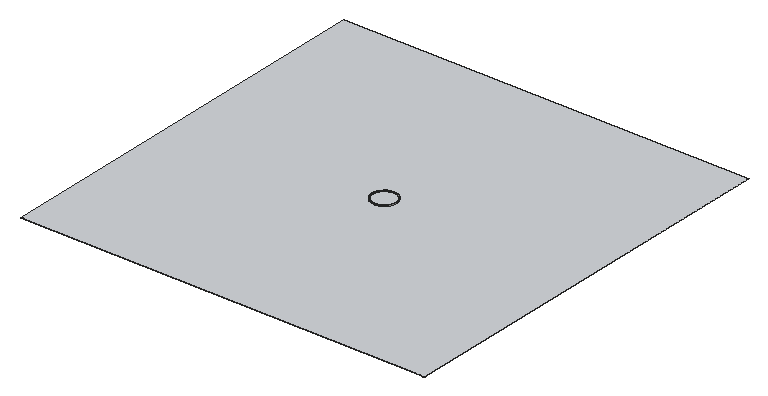
Revit family "LAMP_KOMBIC 150 ROUND IP40 CRI80 OPAL DALI", category Luminarias, Revit 2018
Family settings
  Anfitrión = Cara
  Cota de conector redondo = Diámetro de uso
  Tipo de pieza = Normal
  Corte con vacíos al cargar = No
  Origen de luz = Sí
  Compartido = No
  Punto de cálculo de habitación = No
Parameters (values of type "1427LM 3000K  M/W")
  Ángulo de inclinación = -90.00°
  Weight = 0.704 kg
  Wattage = 13.7 W
  UGR = ""
  Type = "COB PHILIPS"
  built-in parameter 1150107 = 3000 (stored number, unit not read)
  Recessed diameter = 145 mm
  built-in parameter 1150110 = 1 (stored number, unit not read)
  built-in parameter 1150109 = 1 (stored number, unit not read)
  built-in parameter 1150112 = 1 (stored number, unit not read)
  built-in parameter 1150113 = 1 (stored number, unit not read)
  built-in parameter 1114218 = 1 (stored number, unit not read)
  Protection rating = "IP40"
  Product datasheet = "http://www.lamp.es/product-files/TECH/K21RD2040OP830DMW-EN.pdf"
  Product code = "K21RD2040OP830DMW"
  Product URL = "https://www.lamp.es/en/family/kombic-downlight_33313"
  Power Supply = "220-240V 50/60Hz"
  Power = 12 W
  Plum = 13.7 W
  built-in parameter 1150137 = (empty or 0)
  built-in parameter 1150132 = 2
  Modelo = Product code  # "K21RD2040OP830DMW"
  Material reflector = LAMP_PC Reflector Kombic Metalizado Mate
  Material disipador = LAMP_Aluminio Disipador Kombic
  Material difusor = LAMP_PMMA Difusor Kombic
  Material aro = LAMP_Plástico genérico BL
  Manufacturer name = "LAMP"
  Manufacturer country = "Spain"
  Manufacturer URL = "http://www.lamp.es/en"
  MacAdam = "3"
  Luminaire type = "Downlight"
  Last update = "26/08/2021"
  Lamp = "COB LED"
  LED Lifetime = "50.000 L90 B10"
  built-in parameter 1150105 = 113.6 (stored number, unit not read)
  built-in parameter 1150102 = (empty or 0)
  Insulation class = "II"
  Installation instructions = "https://www.lamp.es/product-files/packed/by-family/33313_INS_all.zip"
  built-in parameter 1150106 = 1.136 (stored number, unit not read)
  IEE = "A+"
  Height = 100 mm
  Gear = "Adjustable DALI"
  Lumens = 1427.54 lm
  Finish = "Shiny white RAL 9010"
  Color Filter = 16777215
  built-in parameter 1114217 = 1 (stored number, unit not read)
  built-in parameter 1150139 = (empty or 0)
  Fabricante = Manufacturer name  # "LAMP"
  Default Elevation = 1219.2 mm
  built-in parameter 1150104 = 9.6805 (stored number, unit not read)
  Efficacy = 104.2 lm/W
  Diameter = 150 mm
  built-in parameter 1150115 = 1 (stored number, unit not read)
  built-in parameter 1150114 = 1 (stored number, unit not read)
  built-in parameter 1150138 = (empty or 0)
  built-in parameter 1150134 = (empty or 0)
  Dimming Lamp Color Temperature Shift = (empty or 0)
  CRI = "80"
  Archivo de red fotométrica = "K21RD2040OP830NMW.IES"
  built-in parameter 1150133 = 10 (stored number, unit not read)
Types (18, lengths in mm): name | Wattage | built-in parameter 1150107 | Product datasheet | Product code | Power | Plum | Modelo | Material reflector | LED Lifetime | built-in parameter 1150105 | built-in parameter 1150106 | Lumens | Finish | built-in parameter 1150104 | Efficacy | built-in parameter 1150134 | Archivo de red fotométrica
  1427LM 3000K  M/W | 13.7 W | 3000 (stored number, unit not read) | "http://www.lamp.es/product-files/TECH/K21RD2040OP830DMW-EN.pdf" | "K21RD2040OP830DMW" | 12 W | 13.7 W | "K21RD2040OP830DMW" | LAMP_PC Reflector Kombic Metalizado Mate | "50.000 L90 B10" | 113.6 (stored number, unit not read) | 1.136 (stored number, unit not read) | 1427.54 lm | "Shiny white RAL 9010" | 9.6805 (stored number, unit not read) | 104.2 lm/W | (empty or 0) | "K21RD2040OP830NMW.IES"
  1473LM 3000K  W/W | 13.7 W | 3000 (stored number, unit not read) | "http://www.lamp.es/product-files/TECH/K21RD2040OP830DWW-EN.pdf" | "K21RD2040OP830NWW" | 12 W | 13.7 W | "K21RD2040OP830NWW" | LAMP_PC Reflector Kombic Blanco | "50.000 L90 B10" | 117.2 (stored number, unit not read) | 1.172 (stored number, unit not read) | 1472.75 lm | "Matte white RAL 9010" | 9.9871 (stored number, unit not read) | 107.5 lm/W | (empty or 0) | "K21RD2040OP830DWW.IES"
  1486LM 4000K  M/W | 13.7 W | 4000 (stored number, unit not read) | "http://www.lamp.es/product-files/TECH/K21RD2040OP840DMW-EN.pdf" | "K21RD2040OP840DMW" | 12 W | 13.7 W | "K21RD2040OP840DMW" | LAMP_PC Reflector Kombic Metalizado Mate | "50.000 L90 B10" | 118.29 (stored number, unit not read) | 1.1829 (stored number, unit not read) | 1486.45 lm | "Shiny white RAL 9010" | 10.08 (stored number, unit not read) | 108.5 lm/W | 12 | "K21RD2040OP840NMW.IES"
  1488LM 3000K  BR/W | 13.7 W | 4000 (stored number, unit not read) | "http://www.lamp.es/product-files/TECH/K21RD2040OP830DRW-EN.pdf" | "K21RD2040OP830NRW" | 12 W | 13.7 W | "K21RD2040OP830NRW" | LAMP_PC Reflector Kombic Metalizado Brillante | "50.000 L90 B10" | 121.12 (stored number, unit not read) | 1.2112 (stored number, unit not read) | 1522.07 lm | "Shiny white RAL 9010" | 10.322 (stored number, unit not read) | 111.1 lm/W | 12 | "K21RD2040OP830DRW.IES"
  1534LM 4000K  W/W | 13.7 W | 4000 (stored number, unit not read) | "http://www.lamp.es/product-files/TECH/K21RD2040OP840DWW-EN.pdf" | "K21RD2040OP840NWW" | 12 W | 13.7 W | "K21RD2040OP840NWW" | LAMP_PC Reflector Kombic Blanco | "50.000 L90 B10" | 1281 (stored number, unit not read) | 12.81 (stored number, unit not read) | 1534.4 lm | "Matte white RAL 9010" | 10.405 (stored number, unit not read) | 112 lm/W | 12 | "K21RD2040OP840DWW.IES"
  1550LM 4000K  BR/W | 13.7 W | 4000 (stored number, unit not read) | "http://www.lamp.es/product-files/TECH/K21RD2040OP840DRW-EN.pdf" | "K21RD2040OP840NRW" | 12 W | 13.7 W | "K21RD2040OP840NRW" | LAMP_PC Reflector Kombic Metalizado Brillante | "50.000 L90 B10" | 123.41 (stored number, unit not read) | 1.2341 (stored number, unit not read) | 1550.84 lm | "Shiny white RAL 9010" | 10.517 (stored number, unit not read) | 113.2 lm/W | 12 | "K21RD2040OP840DRW.IES"
  2010LM 3000K  M/W | 19.9 W | 3000 (stored number, unit not read) | "http://www.lamp.es/product-files/TECH/K21RD3040OP830DMW-EN.pdf" | "K21RD3040OP830NMW" | 17.6 W | 19.9 W | "K21RD3040OP830NMW" | LAMP_PC Reflector Kombic Metalizado Mate | "50.000 L70 B10" | 159.94 (stored number, unit not read) | 1.5994 (stored number, unit not read) | 2009.9 lm | "Shiny white RAL 9010" | 9.3832 (stored number, unit not read) | 101 lm/W | (empty or 0) | "K21RD3040OP830DMW.IES"
  2074LM 3000K  W/W | 19.9 W | 3000 (stored number, unit not read) | "http://www.lamp.es/product-files/TECH/K21RD3040OP830DWW-EN.pdf" | "K21RD3040OP830NWW" | 17.6 W | 19.9 W | "K21RD3040OP830NWW" | LAMP_PC Reflector Kombic Blanco | "50.000 L70 B10" | 165.01 (stored number, unit not read) | 1.6501 (stored number, unit not read) | 2073.58 lm | "Matte white RAL 9010" | 9.6805 (stored number, unit not read) | 104.2 lm/W | (empty or 0) | "K21RD3040OP830DWW.IES"
  2094LM 4000K  M/W | 19.9 W | 4000 (stored number, unit not read) | "http://www.lamp.es/product-files/TECH/K21RD3040OP840DMW-EN.pdf" | "K21RD3040OP840NMW" | 17.6 W | 19.9 W | "K21RD3040OP840NMW" | LAMP_PC Reflector Kombic Metalizado Mate | "50.000 L70 B10" | 166.59 (stored number, unit not read) | 1.6659 (stored number, unit not read) | 2093.48 lm | "Shiny white RAL 9010" | 9.7734 (stored number, unit not read) | 105.2 lm/W | 12 | "K21RD3040OP840DMW.IES"
  2096LM 3000K  BR/W | 19.9 W | 3000 (stored number, unit not read) | "http://www.lamp.es/product-files/TECH/K21RD3040OP830DRW-EN.pdf" | "K21RD3040OP830NRW" | 17.6 W | 19.9 W | "K21RD3040OP830NRW" | LAMP_PC Reflector Kombic Metalizado Brillante | "50.000 L70 B10" | 166.75 (stored number, unit not read) | 1.6675 (stored number, unit not read) | 2095.47 lm | "Shiny white RAL 9010" | 9.7827 (stored number, unit not read) | 105.3 lm/W | (empty or 0) | "K21RD3040OP830DRW.IES"
  2161LM 4000K  W/W | 19.9 W | 4000 (stored number, unit not read) | "http://www.lamp.es/product-files/TECH/K21RD3040OP840DWW-EN.pdf" | "K21RD3040OP840NWW" | 17.6 W | 19.9 W | "K21RD3040OP840NWW" | LAMP_PC Reflector Kombic Blanco | "50.000 L70 B10" | 171.98 (stored number, unit not read) | 1.7198 (stored number, unit not read) | 2161.14 lm | "Matte white RAL 9010" | 10.089 (stored number, unit not read) | 108.6 lm/W | 12 | "K21RD3040OP840DWW.IES"
  2184LM 4000K  BR/W | 19.9 W | 4000 (stored number, unit not read) | "http://www.lamp.es/product-files/TECH/K21RD3040OP840DRW-EN.pdf" | "K21RD3040OP840NRW" | 17.6 W | 19.9 W | "K21RD3040OP840NRW" | LAMP_PC Reflector Kombic Metalizado Brillante | "50.000 L70 B10" | 173.72 (stored number, unit not read) | 1.7372 (stored number, unit not read) | 2183.03 lm | "Shiny white RAL 9010" | 10.191 (stored number, unit not read) | 109.7 lm/W | 12 | "K21RD3040OP840DRW.IES"
  2673LM 3000K  M/W | 27.7 W | 3000 (stored number, unit not read) | "http://www.lamp.es/product-files/TECH/K21RD3540OP830DMW-EN.pdf" | "K21RD3540OP830NMW" | 25 W | 27.7 W | "K21RD3540OP830NMW" | LAMP_PC Reflector Kombic Metalizado Mate | "50.000 L70 B10" | 212.71 (stored number, unit not read) | 2.1271 (stored number, unit not read) | 2673.05 lm | "Shiny white RAL 9010" | 8.9651 (stored number, unit not read) | 96.5 lm/W | (empty or 0) | "K21RD3540OP830DMW.IES"
  2759LM 3000K  W/W | 27.7 W | 3000 (stored number, unit not read) | "http://www.lamp.es/product-files/TECH/K21RD3540OP830DWW-EN.pdf" | "K21RD3540OP830NWW" | 25 W | 27.7 W | "K21RD3540OP830NWW" | LAMP_PC Reflector Kombic Blanco | "50.000 L70 B10" | 212.93 (stored number, unit not read) | 2.1293 (stored number, unit not read) | 2675.82 lm | "Matte white RAL 9010" | 8.9744 (stored number, unit not read) | 96.6 lm/W | (empty or 0) | "K21RD3540OP830DWW.IES"
  2784LM 4000K  M/W | 27.7 W | 4000 (stored number, unit not read) | "http://www.lamp.es/product-files/TECH/K21RD3540OP840DMW-EN.pdf" | "K21RD3540OP840NMW" | 25 W | 27.7 W | "K21RD3540OP840NMW" | LAMP_PC Reflector Kombic Metalizado Mate | "50.000 L70 B10" | 221.53 (stored number, unit not read) | 2.2153 (stored number, unit not read) | 2783.85 lm | "Shiny white RAL 9010" | 9.3368 (stored number, unit not read) | 100.5 lm/W | 12 | "K21RD3540OP840DMW.IES"
  2788LM 3000K  BR/W | 27.7 W | 3000 (stored number, unit not read) | "http://www.lamp.es/product-files/TECH/K21RD3540OP830DRW-EN.pdf" | "K21RD3540OP830NRW" | 25 W | 27.7 W | "K21RD3540OP830NRW" | LAMP_PC Reflector Kombic Metalizado Brillante | "50.000 L70 B10" | 221.97 (stored number, unit not read) | 2.2197 (stored number, unit not read) | 2789.39 lm | "Shiny white RAL 9010" | 9.3553 (stored number, unit not read) | 100.7 lm/W | (empty or 0) | "K21RD3540OP830DRW.IES"
  2874LM 4000K  W/W | 27.7 W | 4000 (stored number, unit not read) | "http://www.lamp.es/product-files/TECH/K21RD3540OP840DWW-EN.pdf" | "K21RD3540OP840NWW" | 25 W | 27.7 W | "K21RD3540OP840NWW" | LAMP_PC Reflector Kombic Blanco | "50.000 L70 B10" | 228.59 (stored number, unit not read) | 2.2859 (stored number, unit not read) | 2872.49 lm | "Matte white RAL 9010" | 9.634 (stored number, unit not read) | 103.7 lm/W | 12 | "K21RD3540OP840DWW.IES"
  2904LM 4000K  BR/W | 27.7 W | 4000 (stored number, unit not read) | "http://www.lamp.es/product-files/TECH/K21RD3540OP840DRW-EN.pdf" | "K21RD3540OP840NRW" | 25 W | 27.7 W | "K21RD3540OP840NRW" | LAMP_PC Reflector Kombic Metalizado Brillante | "50.000 L70 B10" | 231.01 (stored number, unit not read) | 2.3101 (stored number, unit not read) | 2902.96 lm | "Shiny white RAL 9010" | 9.7362 (stored number, unit not read) | 104.8 lm/W | 12 | "K21RD3540OP840DRW.IES"
Reference planes
  plane 1 "Centro (Frontal/Posterior)": y = 0
  plane 2: z = 0
  plane 3 "Centro (Izquierda/Derecha)": x = 0
Forms (mm)
  Extrusion 1, solid
    sketch origin (0, 0, 0) x (1, 0, 0) y (0, 1, 0)
      loop
        line (-1219.2, 1219.2) -> (-1219.2, -1219.2) -> (1219.2, -1219.2) -> (1219.2, 1219.2) -> (-1219.2, 1219.2)
    from 0 to -1
  Revolve 2, solid, material "LAMP_Plástico genérico BL" <- "Material aro"
    sketch origin (0, 0, 1.5) x (-1, 0, 0) y (0, 0, -1)
      loop
        arc (63.285, 25.939) -> (56.992, 30.773) -> (49.333, 32.85) r 20.471
        line (49.333, 32.85) -> (49.333, 30.55)
        arc (49.333, 30.55) -> (65.429, 20.082) -> (70.259, 1.5) r 26.552
        line (70.259, 1.5) -> (69.259, 1.5) -> (69.259, 0) -> (75, 0) -> (75, 1.5) -> (71.74, 1.5)
        arc (71.74, 1.5) -> (69.911, 14.549) -> (63.285, 25.939) r 34.204
      axis (0, 32.85) -> (0, 0)
    angle from 0 to 360
  Revolve 3, solid, material "LAMP_Aluminio Disipador Kombic" <- "Material disipador"
    sketch origin (0, 0, 1.5) x (-1, 0, 0) y (0, 0, -1)
      loop
        line (0, 32.85) -> (57.5, 32.85) -> (57.5, 97.85) -> (0, 97.85) -> (0, 32.85)
      axis (0, 97.85) -> (0, 32.85)
    angle from 0 to 360
  Revolve 4, solid, material "LAMP_PMMA Difusor Kombic" <- "Material difusor"
    sketch origin (0, 0, 0) x (1, 0, 0) y (0, 0, 1)
      loop
        line (0, -28.081) -> (0, -31.35) -> (49.333, -31.35) -> (49.333, -28.081) -> (0, -28.081)
      axis (0, -28.081) -> (0, -31.35)
    angle from 0 to 360
  Revolve 5, solid, material "LAMP_PC Reflector Kombic Metalizado Mate" <- "Material reflector"
    sketch origin (0, 0, 0) x (1, 0, 0) y (0, 0, 1)
      loop
        arc (-70.259, 0) -> (-65.429, -18.582) -> (-49.333, -29.05) r 26.552
        line (-49.333, -29.05) -> (-49.333, -28.081)
        arc (-49.333, -28.081) -> (-64.64, -17.832) -> (-69.259, 0) r 25.895
        line (-69.259, 0) -> (-70.259, 0)
      axis (0, 0) -> (0, -29.05)
    angle from 0 to 360
Text (mm)
  text "Any modification of the parameters and properties of the LAMP BIM models must be executed and validated by the LAMP technical department.\nPhone: +34 93 736 68 00\nE-mail: lamp@lamp.es\n\nLAMP reserves the right to modify the technical specifications of its products." at (-2876.262, -5833.446, 1777.952), in view "Preview"
Dimensions and locks
  aligned and locked: plane 2 to Extrusion 1
  aligned and locked: level to Extrusion 1
Connectors
  electrical at (0, 0, -96.35)
    settings: on Revolve 3, index 1, voltage 230 V, apparent load 0 VA, apparent load phase1 0 VA, apparent load phase2 0 VA, apparent load phase3 0 VA, power factor 1, load classification "Otro", number of poles 1, system type 30, power factor state 1, is connector primary yes, connector utility no, sub classification motor no, connector description ""
